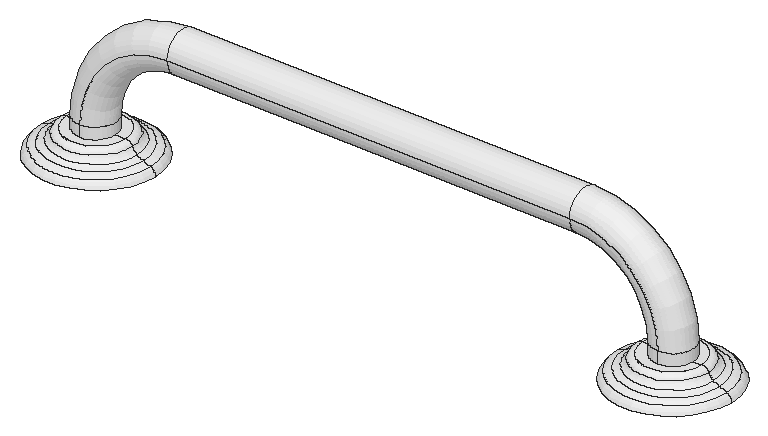
Revit family "Deca_Alça de apoio Deca Hotel_2077.C", category Plumbing Fixtures, host Face, Revit 2010
Parameters (values of type "2077.C_Cromado CR10")
  Vendido Separadamente = ""
  Variações de COR = "Cromado (2077.C)"  # constant formula
  URL = "www.deca.com.br/produtos"
  Segmento = "Médio"  # constant formula
  Produto = "Alça de apoio Deca Hotel"  # constant formula
  Peso Liquido (Kg) = 0.45
  Norma = "ABNT NBR 10283:2003"  # constant formula
  Model = Código  # "2077.C"
  Material = "Deca_Latão Cromado e Plástico de Engenharia"  # constant formula
  Manufacturer = "Deca"  # constant formula
  Louça/Metais = "Metal"  # constant formula
  Linha = "Acessórios Deca Hotel"  # constant formula
  Informações Complementares = "Alça de apoio suporta até 60kg"  # constant formula
  HWFU = 0
  Description = "Alça de apoio"  # constant formula
  Default Elevation = 700 mm
  Código = "2077.C"  # constant formula
  Created by = "Contino/quattroD"  # constant formula
  Consumo = "N/A"  # constant formula
  CWFU = 0
  Barra = Deca CR10 Cromado Metal
  Atendimento ao Cliente = "0800-011-7073"  # constant formula
  Assembly Code = "D20"
  Approved by = "Contino/quattroD"  # constant formula
  Acompanha o Produto = ""
Types (3, lengths in mm): name | URL | Peso Liquido (Kg) | Default Elevation | Assembly Code
  (no name) | "www.deca.com.br/produtos" | 0.45 | 700 | "D20"
  2310.C.080.POL.10 | "www.deca.com.br" | 0 | 0 | 0
  2077.C_Cromado CR10 | "www.deca.com.br/produtos" | 0.45 | 700 | "D20"
Reference planes
  plane 1 "Center (Front/Back)": y = 0
  plane 2: z = 0
  plane 3 "Center (Left/Right)": x = 0
  plane 4 "Left 1": x = -181.316
  plane 5 "Right 1": x = 181.316
  plane 6 "Front 1": z = 12.003
  plane 7 "Front 2": z = 73.978
  plane 8 "Top 1": y = 30.966
  plane 9 "Bottom 1": y = -30.966
Forms (mm)
  Sweep 1, solid, material "Deca CR10 Cromado Metal" <- "Barra"
    path origin (0, 0, 0) x (1, 0, 0) y (0, 0, 1)
      loop
        line (150.734, 12.003) -> (150.734, 17.919)
        arc (150.734, 17.919) -> (137.339, 50.258) -> (105, 63.653) r 45.734
        line (105, 63.653) -> (-105, 63.653)
        arc (-105, 63.653) -> (-137.339, 50.258) -> (-150.734, 17.919) r 45.734
        line (-150.734, 17.919) -> (-150.734, 12.003)
    profile origin (0, 0, 63.653) x (0, 0, -1) y (0, -1, 0)
      loop
        circle (0, 0) r 10.325
  Revolve 2, solid, material "Deca CR10 Cromado Metal" <- "Barra"
    sketch origin (0, 0, 0) x (1, 0, 0) y (0, 0, 1)
      loop
        line (-181.316, 0) -> (-150.35, 0) -> (-150.35, 12.003) -> (-165.802, 12.003)
        arc (-165.802, 12.003) -> (-167.814, 11.41) -> (-169.183, 9.821) r 3.711
        arc (-169.183, 9.821) -> (-170.235, 8.135) -> (-171.692, 6.784) r 7.503
        arc (-171.692, 6.784) -> (-173.351, 5.907) -> (-175.113, 5.258) r 14.138
        arc (-175.113, 5.258) -> (-176.986, 4.558) -> (-178.734, 3.586) r 13.395
        arc (-178.734, 3.586) -> (-180.295, 1.987) -> (-181.316, 0) r 7.502
      axis (-150.35, 12.003) -> (-150.35, 0)
    angle from 0 to 360
  Revolve 3, solid, material "Deca CR10 Cromado Metal" <- "Barra"
    sketch origin (0, 0, 0) x (-1, 0, 0) y (0, 0, 1)
      loop
        line (-181.316, 0) -> (-150.35, 0) -> (-150.35, 12.003) -> (-165.802, 12.003)
        arc (-165.802, 12.003) -> (-167.814, 11.41) -> (-169.183, 9.821) r 3.711
        arc (-169.183, 9.821) -> (-170.235, 8.135) -> (-171.692, 6.784) r 7.503
        arc (-171.692, 6.784) -> (-173.351, 5.907) -> (-175.113, 5.258) r 14.138
        arc (-175.113, 5.258) -> (-176.986, 4.558) -> (-178.734, 3.586) r 13.395
        arc (-178.734, 3.586) -> (-180.295, 1.987) -> (-181.316, 0) r 7.502
      axis (-150.35, 12.003) -> (-150.35, 0)
    angle from 0 to 360
Cuts and joins
  joined: Sweep 1, Revolve 2, Revolve 3
Lines and regions (mm)
  Masking region 1
    outline origin (0, -179.764, 0) x (1, 0, 0) y (0, 1, 0)
      loop
        arc (-121.157, 190.089) -> (-181.316, 179.764) -> (-121.157, 169.439) r 30.966
        line (-121.157, 169.439) -> (121.157, 169.439)
        arc (121.157, 169.439) -> (181.316, 179.764) -> (121.157, 190.089) r 30.966
        line (121.157, 190.089) -> (-121.157, 190.089)
  Masking region 2
    outline origin (-239.145, 0, -157.514) x (1, 0, 0) y (0, 0, 1)
      loop
        arc (60.41, 161.1) -> (58.85, 159.501) -> (57.829, 157.514) r 7.502
        line (57.829, 157.514) -> (119.76, 157.514)
        arc (119.76, 157.514) -> (118.74, 159.501) -> (117.179, 161.1) r 7.502
        arc (117.179, 161.1) -> (115.431, 162.071) -> (113.557, 162.772) r 13.395
        arc (113.557, 162.772) -> (111.796, 163.421) -> (110.137, 164.297) r 14.138
        arc (110.137, 164.297) -> (108.679, 165.648) -> (107.628, 167.335) r 7.503
        arc (107.628, 167.335) -> (106.259, 168.924) -> (104.247, 169.516) r 3.711
        line (104.247, 169.516) -> (99.12, 169.516) -> (99.12, 175.816)
        arc (99.12, 175.816) -> (109.378, 200.583) -> (134.145, 210.841) r 35.025
        line (134.145, 210.841) -> (344.145, 210.841)
        arc (344.145, 210.841) -> (368.911, 200.583) -> (379.17, 175.816) r 35.025
        line (379.17, 175.816) -> (379.17, 169.516) -> (374.043, 169.516)
        arc (374.043, 169.516) -> (372.031, 168.924) -> (370.662, 167.335) r 3.711
        arc (370.662, 167.335) -> (369.61, 165.648) -> (368.153, 164.297) r 7.503
        arc (368.153, 164.297) -> (366.493, 163.421) -> (364.732, 162.772) r 14.138
        arc (364.732, 162.772) -> (362.859, 162.071) -> (361.11, 161.1) r 13.395
        arc (361.11, 161.1) -> (359.55, 159.501) -> (358.529, 157.514) r 7.502
        line (358.529, 157.514) -> (420.46, 157.514)
        arc (420.46, 157.514) -> (419.44, 159.501) -> (417.879, 161.1) r 7.502
        arc (417.879, 161.1) -> (416.131, 162.071) -> (414.257, 162.772) r 13.395
        arc (414.257, 162.772) -> (412.496, 163.421) -> (410.837, 164.297) r 14.138
        arc (410.837, 164.297) -> (409.379, 165.648) -> (408.328, 167.335) r 7.503
        arc (408.328, 167.335) -> (406.959, 168.924) -> (404.947, 169.516) r 3.711
        line (404.947, 169.516) -> (399.82, 169.516) -> (399.82, 175.816)
        arc (399.82, 175.816) -> (383.513, 215.184) -> (344.145, 231.491) r 55.675
        line (344.145, 231.491) -> (134.145, 231.491)
        arc (134.145, 231.491) -> (94.776, 215.184) -> (78.47, 175.816) r 55.675
        line (78.47, 175.816) -> (78.47, 169.516) -> (73.343, 169.516)
        arc (73.343, 169.516) -> (71.331, 168.924) -> (69.962, 167.335) r 3.711
        arc (69.962, 167.335) -> (68.91, 165.648) -> (67.453, 164.297) r 7.503
        arc (67.453, 164.297) -> (65.793, 163.421) -> (64.032, 162.772) r 14.138
        arc (64.032, 162.772) -> (62.159, 162.071) -> (60.41, 161.1) r 13.395
  Masking region 3
    outline origin (0, -130.001, -68.511) x (0, 1, 0) y (0, 0, 1)
      loop
        line (99.036, 68.511) -> (160.967, 68.511)
        arc (160.967, 68.511) -> (159.946, 70.498) -> (158.386, 72.097) r 7.502
        arc (158.386, 72.097) -> (156.637, 73.069) -> (154.764, 73.769) r 13.395
        arc (154.764, 73.769) -> (153.003, 74.418) -> (151.343, 75.294) r 14.138
        arc (151.343, 75.294) -> (149.886, 76.646) -> (148.834, 78.332) r 7.503
        arc (148.834, 78.332) -> (147.465, 79.921) -> (145.453, 80.514) r 3.711
        line (145.453, 80.514) -> (140.326, 80.514) -> (140.326, 132.164)
        arc (140.326, 132.164) -> (130.001, 142.489) -> (119.676, 132.164) r 10.325
        line (119.676, 132.164) -> (119.676, 80.514) -> (114.549, 80.514)
        arc (114.549, 80.514) -> (112.537, 79.921) -> (111.168, 78.332) r 3.711
        arc (111.168, 78.332) -> (110.117, 76.646) -> (108.659, 75.294) r 7.503
        arc (108.659, 75.294) -> (107, 74.418) -> (105.239, 73.769) r 14.138
        arc (105.239, 73.769) -> (103.365, 73.069) -> (101.617, 72.097) r 13.395
        arc (101.617, 72.097) -> (100.056, 70.498) -> (99.036, 68.511) r 7.502
  symbolic lines
    curve 1: line (-121.157, 10.325, 0) -> (-150.35, 10.325, 0)
    curve 2: line (-121.157, -10.325, 0) -> (-150.35, -10.325, 0)
    curve 3: arc (-150.35, -10.325, 0) -> (-160.675, 0, 0) -> (-150.35, 10.325, 0) r 10.325
    curve 4: line (121.157, 10.325, 0) -> (150.35, 10.325, 0)
    curve 5: line (121.157, -10.325, 0) -> (150.35, -10.325, 0)
    curve 6: arc (150.35, -10.325, 0) -> (160.675, 0, 0) -> (150.35, 10.325, 0) r 10.325
    curve 7: line (-160.675, 0, 12.003) -> (-140.025, 0, 12.003)
    curve 8: line (140.025, 0, 12.003) -> (160.675, 0, 12.003)
    curve 9: line (0, -10.325, 12.003) -> (0, 10.325, 12.003)
Dimensions and locks
  plane 4 "Left 1" to plane 5 "Right 1" = 362.631 mm
  plane 9 "Bottom 1" to plane 8 "Top 1" = 61.931 mm  (x2)
  plane 5 "Right 1" to plane 4 "Left 1" = 362.631 mm
  plane 7 "Front 2" to plane 6 "Front 1" to host face = 61.975 mm, 12.003 mm  (x2)
  plane 7 "Front 2" to host face = 73.978 mm  (x2)
  aligned and locked: host face to plane 2
  aligned and locked: level to host face
